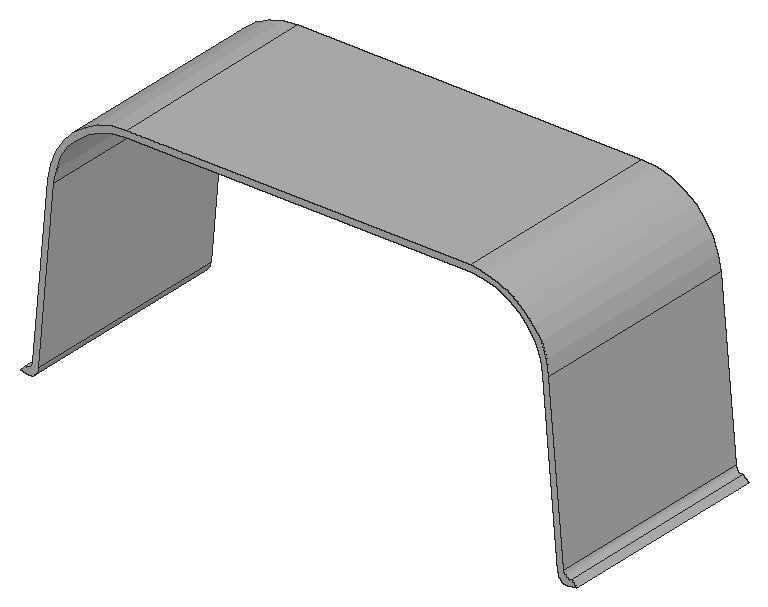
Revit family "Specialty_Equipment-Metal_Raceway-Hubbell_Wiring-Wire_Clip-HBL3000WC", category Specialty Equipment, host Face, Revit 2015
Parameters (values of type "HBL3000WCGY")
  URL = "http://www.hubbell-wiring.com/"
  Product data url = "https://bimobject.com/hubbellwiring/product/hubbell-metal-raceway-hbl3000"
  Product Page URL = "http://ecatalog.hubbell-wiring.com/ProductInformation/ViewCatalog.aspx?Dest=hubbell-wiring.com/press/catalog/r.pdf"
  Product Documentation Link = "http://www.hubbell-wiring.com/press/pdfs/h5233r08.pdf"
  Model = "HBL3000WCGY"
  Manufacturer = "Hubbell Wiring Device Kellems"  # constant formula
  Host Note = "Add in Section View; Host to Wall"  # constant formula
  Description = "Wire Clip"  # constant formula
  Default Elevation = 48.00"
  Cable Tray Material = Metal-Hubbell-Steel
  B = 2.75"
  Assembly Code = "D5090900"
  A [instance] = 1.00"
Reference planes (in)
  plane 1 "Center (Front/Back)": y = 0
  plane 2: z = 0
  plane 3 "Center (Left/Right)": x = 0
  plane 4: y = 0.5
  plane 5: z = 1.47
  plane 6: x = -1.375
  plane 7: x = 1.375
  plane 8: y = -0.5
  plane 9: z = 0.06638
Forms (in)
  Extrusion 1, solid, material "Metal-Hubbell-Steel" <- "Cable Tray Material"
    sketch origin (0, 0, 0) x (1, 0, 0) y (0, 0, 1)
      loop
        line (-1.20904, 0.1106) -> (-1.13931, 0.90761)
        arc (-1.13931, 0.90761) -> (-1.0304, 1.12847) -> (-0.80089, 1.21772) r 0.33971
        line (-0.80089, 1.21772) -> (0.80089, 1.21772)
        arc (0.80089, 1.21772) -> (1.0304, 1.12847) -> (1.13931, 0.90761) r 0.33971
        line (1.13931, 0.90761) -> (1.20904, 0.1106)
        arc (1.20904, 0.1106) -> (1.22362, 0.07997) -> (1.25471, 0.06638) r 0.04853
        line (1.25471, 0.06638) -> (1.29633, 0.07503) -> (1.27244, 0.09891)
        arc (1.27244, 0.09891) -> (1.24865, 0.10487) -> (1.23688, 0.1264) r 0.03058
        line (1.23688, 0.1264) -> (1.16832, 0.91015)
        arc (1.16832, 0.91015) -> (1.05007, 1.14993) -> (0.80089, 1.24683) r 0.36883
        line (0.80089, 1.24683) -> (-0.80089, 1.24683)
        arc (-0.80089, 1.24683) -> (-1.05007, 1.14993) -> (-1.16832, 0.91015) r 0.36883
        line (-1.16832, 0.91015) -> (-1.23688, 0.1264)
        arc (-1.23688, 0.1264) -> (-1.24865, 0.10487) -> (-1.27244, 0.09891) r 0.03058
        line (-1.27244, 0.09891) -> (-1.29633, 0.07503) -> (-1.25471, 0.06638)
        arc (-1.25471, 0.06638) -> (-1.22362, 0.07997) -> (-1.20904, 0.1106) r 0.04853
    from -0.5 to 0.5
Lines and regions (in)
  symbolic lines
    curve 1: line (-1.29633, -0.5, 0) -> (1.29633, -0.5, 0)
    curve 2: line (-1.29633, 0.5, 0) -> (1.29633, 0.5, 0)
    curve 3: line (-1.29633, -0.5, 0) -> (-1.29633, 0.5, 0)
    curve 4: line (1.29633, -0.5, 0) -> (-1.29633, -0.5, 0)
    curve 5: line (1.29633, 0.5, 0) -> (1.29633, -0.5, 0)
    curve 6: line (0, 0.5, 1.24702) -> (0, -0.5, 1.24702)
    curve 7: line (0, 0.5, 0.06638) -> (0, 0.5, 1.24702)
    curve 8: line (0, -0.5, 0.06638) -> (0, 0.5, 0.06638)
    curve 9: line (0, -0.5, 1.24702) -> (0, -0.5, 0.06638)
    curve 10: line (-1.20904, 0, 0.1106) -> (-1.13931, 0, 0.90761)
    curve 11: arc (-1.13931, 0, 0.90761) -> (-1.0304, 0, 1.12847) -> (-0.80089, 0, 1.21772) r 0.33971
    curve 12: line (-0.80089, 0, 1.21772) -> (0.80089, 0, 1.21772)
    curve 13: arc (0.80089, 0, 1.21772) -> (1.0304, 0, 1.12847) -> (1.13931, 0, 0.90761) r 0.33971
    curve 14: line (1.13931, 0, 0.90761) -> (1.20904, 0, 0.1106)
    curve 15: arc (1.20904, 0, 0.1106) -> (1.22362, 0, 0.07997) -> (1.25471, 0, 0.06638) r 0.04853
    curve 16: line (1.25471, 0, 0.06638) -> (1.29633, 0, 0.07503)
    curve 17: line (1.29633, 0, 0.07503) -> (1.27244, 0, 0.09891)
    curve 18: arc (1.27244, 0, 0.09891) -> (1.24865, 0, 0.10487) -> (1.23688, 0, 0.1264) r 0.03058
    curve 19: line (1.23688, 0, 0.1264) -> (1.16832, 0, 0.91015)
    curve 20: arc (1.16832, 0, 0.91015) -> (1.05007, 0, 1.14993) -> (0.80089, 0, 1.24683) r 0.36883
    curve 21: line (0.80089, 0, 1.24683) -> (-0.80089, 0, 1.24683)
    curve 22: arc (-0.80089, 0, 1.24683) -> (-1.05007, 0, 1.14993) -> (-1.16832, 0, 0.91015) r 0.36883
    curve 23: line (-1.16832, 0, 0.91015) -> (-1.23688, 0, 0.1264)
    curve 24: arc (-1.23688, 0, 0.1264) -> (-1.24865, 0, 0.10487) -> (-1.27244, 0, 0.09891) r 0.03058
    curve 25: line (-1.27244, 0, 0.09891) -> (-1.29633, 0, 0.07503)
    curve 26: line (-1.29633, 0, 0.07503) -> (-1.25471, 0, 0.06638)
    curve 27: arc (-1.25471, 0, 0.06638) -> (-1.22362, 0, 0.07997) -> (-1.20904, 0, 0.1106) r 0.04853
Dimensions and locks (in)
  plane 5 to host face = 1.47"
  equal spacing: plane 6, plane 3 "Center (Left/Right)", plane 7
  equal spacing: plane 4, plane 1 "Center (Front/Back)", plane 8
  plane 6 to plane 7 = 2.75"
  "A": plane 4 to plane 8
  locked: plane 5 to plane 2 at 1.47
  aligned and locked: plane 2 to host face
  aligned and locked: level to host face
  aligned and locked: curve 1 to plane 8
  aligned and locked: plane 4 to Extrusion 1
  aligned and locked: Extrusion 1 to plane 8
  aligned and locked: curve 4 to curve 1
  aligned and locked: curve 2 to plane 4
  aligned and locked: Extrusion 1 to curve 7
  aligned and locked: curve 9 to Extrusion 1
  aligned and locked: curve 11 to Extrusion 1
  aligned and locked: curve 13 to Extrusion 1
  aligned and locked: curve 15 to Extrusion 1
  aligned and locked: curve 16 to Extrusion 1
  aligned and locked: curve 17 to Extrusion 1
  aligned and locked: curve 18 to Extrusion 1
  aligned and locked: curve 20 to Extrusion 1
  aligned and locked: curve 22 to Extrusion 1
  aligned and locked: curve 23 to Extrusion 1
  aligned and locked: curve 24 to Extrusion 1
  aligned and locked: curve 25 to Extrusion 1
  aligned and locked: curve 26 to Extrusion 1
  aligned and locked: curve 27 to Extrusion 1
  aligned and locked: curve 8 to Extrusion 1
  aligned and locked: curve 3 to Extrusion 1
  aligned and locked: curve 5 to Extrusion 1
Automatic sketch dimensions
  host sketch curve to host sketch curve = 96.00"  (x2)
  Extrusion 1 sketch curve to Extrusion 1 sketch curve = 0.00"  (x4)
  Extrusion 1 sketch curve to plane 6 = 0.07867"
  Extrusion 1 sketch curve to Extrusion 1 sketch curve = 0.02389"  (x4)
  Extrusion 1 sketch curve to Extrusion 1 sketch curve = 0.00509"
  Extrusion 1 sketch curve to Extrusion 1 sketch curve = 0.00997"  (x2)
  Extrusion 1 sketch curve to Extrusion 1 sketch curve = 0.01773"
  Extrusion 1 sketch curve to Extrusion 1 sketch curve = 0.0205"  (x2)
  Extrusion 1 sketch curve to Extrusion 1 sketch curve = 0.02785"  (x2)
  Extrusion 1 sketch curve to plane 6 = 0.20668"
  Extrusion 1 sketch curve to Extrusion 1 sketch curve = 0.02901"  (x2)
  Extrusion 1 sketch curve to plane 5 = 0.22317"
  Extrusion 1 sketch curve to Extrusion 1 sketch curve = 0.33842"
  Extrusion 1 sketch curve to plane 7 = 0.57411"
  Extrusion 1 sketch curve to plane 7 = 0.23569"
  Extrusion 1 sketch curve to plane 7 = 0.16596"
  Extrusion 1 sketch curve to Extrusion 1 sketch curve = 0.01783"
  Extrusion 1 sketch curve to Extrusion 1 sketch curve = 0.01506"
  Extrusion 1 sketch curve to Extrusion 1 sketch curve = 0.02912"
  Extrusion 1 sketch curve to plane 5 = 0.55985"  (x2)
  level to Extrusion 1 sketch curve = 0.12907"  (x2)
  Extrusion 1 sketch curve to Extrusion 1 sketch curve = 0.00267"  (x2)
  Extrusion 1 sketch curve to Extrusion 1 sketch curve = 0.01424"  (x2)
  Extrusion 1 sketch curve to Extrusion 1 sketch curve = 0.0158"  (x2)
  curve 11 to curve 22 = 0.00"
  curve 23 to plane 6 = 0.20668"
  curve 23 to curve 10 = 0.02901"
  curve 14 to plane 7 = 0.23569"
  curve 18 to curve 14 = 0.01169"
  curve 24 to curve 10 = 0.01169"
  curve 27 to curve 24 = 0.01157"
  curve 15 to curve 19 = 0.01157"
  curve 13 to curve 19 = 0.00254"
  curve 7 to plane 5 = 0.22298"
